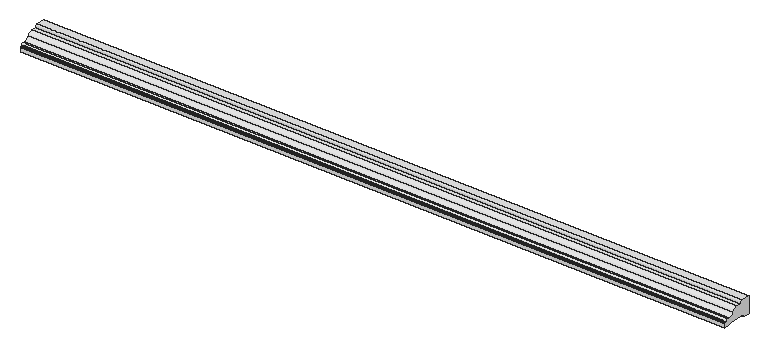
Revit family "13-MOULDING-CADS-158-PCBRAKEMOULD-4-REVIT_Versatex-Generic-Model-RAKE-MOULD", category Generic Models, host Face, Revit 2026
Family settings
  Host = Face
  Can host rebar = No
  Round Connector Dimension = Use Diameter
  Part Type = Normal
  Cut with Voids When Loaded = No
  Maintain Annotation Orientation = No
  Shared = No
  Room Calculation Point = No
Parameters
  Model = "PCBRAKEMOULD"
  Length = 4' - 0"
  Warranty = "https://versatex.com/warranty/"
  URL = "https://versatex.com/"
  Specification = "https://www.arcat.com/company/versatex-45716/spec?coid=45716"
  Sales Information = "https://versatex.com/dealer-locator/"
  Message Manufacturer = "https://versatex.com/contact/"
  Material = Versatex PVC - Smooth
  Manufacturer Website = "https://versatex.com/"
  Manufacturer Phone = "724-857-1111"
  Manufacturer Fax = "724-857-1171"
  Manufacturer Address = "400 Steel Street, Aliquippa, PA 15001"
  Manufacturer = "Versatex"
  Literature = "https://versatex.com/literature/?_sft_literature_category=cads"
  Description = "RAKE MOULD"
  Default Elevation = 4' - 0"
  Copyright = "© 2024 VERSATEX Building Products, LLC"
Reference planes (in)
  plane 1 "Center (Front/Back)": y = 0
  plane 2: z = 0
  plane 3 "Center (Left/Right)": x = 0
  plane 4: x = 24
  plane 5: x = -24
Forms (in)
  Sweep 1, solid, material "Versatex PVC - Smooth" <- "Material"
    path origin (0, 0, 0) x (1, 0, 0) y (0, 1, 0)
      loop
        line (-24, 0) -> (24, 0)
    profile "Versatex_Profile_RAKE MOULD : Versatex_Profile_RAKE MOULD" origin (0, 0, 0) x (0, 1, 0) y (0, 0, 1)
      loop
        line (1.34667, 0.86667) -> (1.01667, 0.86667)
        arc (1.01667, 0.86667) -> (0.81827, 0.801) -> (0.68947, 0.63644) r 0.36115
        arc (0.68947, 0.63644) -> (0.57446, 0.48951) -> (0.4, 0.42333) r 0.34721
        line (0.4, 0.42333) -> (0.225, 0.42333)
        arc (0.225, 0.42333) -> (0.15409, 0.39377) -> (0.11667, 0.32667) r 0.11733
        line (0.11667, 0.32667) -> (0.11667, 0.26667)
        arc (0.11667, 0.26667) -> (0.10428, 0.24283) -> (0.08167, 0.22833) r 0.05211
        line (0.08167, 0.22833) -> (0, 0.22833) -> (0, 0) -> (0.25, 0) -> (0.46333, 0.11833) -> (1.54833, 0.11833)
        arc (1.54833, 0.11833) -> (1.6024, 0.04384) -> (1.68333, 0) r 0.20781
        line (1.68333, 0) -> (1.98167, 0) -> (1.98167, 1.05) -> (1.44333, 1.05)
        arc (1.44333, 1.05) -> (1.36702, 0.97308) -> (1.34667, 0.86667) r 0.18558
Dimensions and locks (in)
  "Length": plane 5 to plane 4
  equal spacing: plane 5, plane 3 "Center (Left/Right)", plane 4, locked at 24 each
  aligned and locked: plane 2 to host face
  aligned and locked: level to host face
Automatic sketch dimensions
  host sketch curve to host sketch curve = 8' - 0"  (x2)
  plane 1 "Center (Front/Back)" to Sweep 1 sketch curve = 0' - 0"
  Sweep 1 sketch curve to plane 5 = 0' - 0"
  Sweep 1 sketch curve to plane 4 = 0' - 0"
